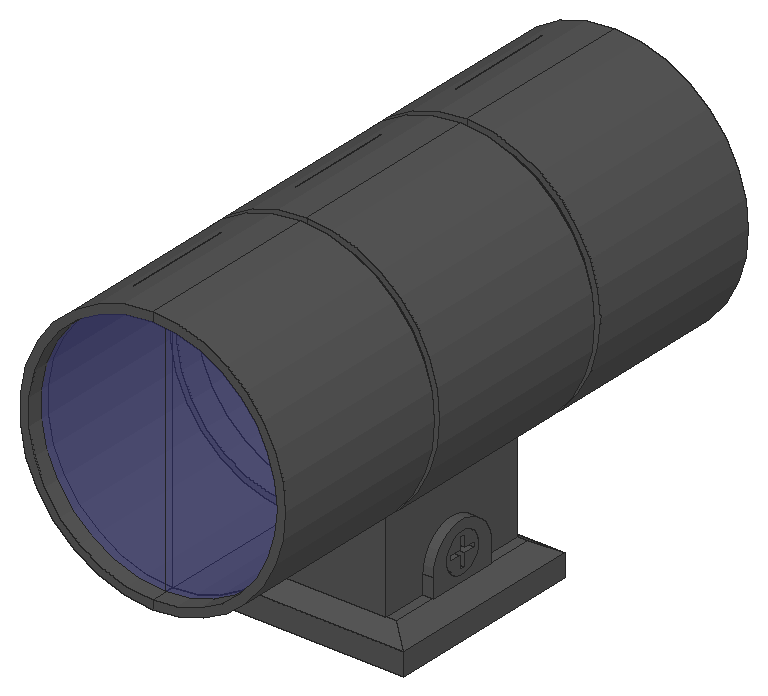
Revit family "CARLO CYLINDER LIGHT WALL MOUNT", category Lighting Fixtures, host Face, Revit 2020 (continued)
Types (10): name | Wattage_Input | Wattage Comments | Wattage | Photometric Web File | built-in parameter 1150142 | Model | built-in parameter 1150105 | Lumens | Light Length 1 | LIGHT RADIUS | LIGHT PLACEMENT | LIGHT LENGTH | LIGHT DIA | built-in parameter 1150106 | FIXED END HEIGHT | Curve base Height | Base Curve | BEAMING ANGLE | Apparent Load
    07.8 384.91 359.05 331.88 303.21 273.18 242.54 211.8 \r\n 181.86 154.2 127.68 100.4 76.104 58.359 45.759 39.19 35.345 30.724 \r\n 26.791 23.92 21.878 20.725 19.956 19.016 18.12 17.304 16.561 15.918 \r\n 15.316 14.701 14.095 13.499 12.931 12.421 11.93 11.422 10.922 10.45 \r\n 9.9873 9.5144 9.0556 8.64 8.2346 7.8045 7.384 7.0075 6.6397 6.2442 \r\n 5.8588 5.5214 5.1965 4.851 4.5159 4.2184 3.9362 3.6519 3.3784 3.1253 \r\n 2.8841 2.6459 2.4207 2.2165 2.0295 1.8588 1.7035 1.5603 1.4363 1.3421 \r\n 1.2646 1.1885 1.1306 1.1057 1.1053 1.1237 1.1675 1.2514 1.3455 1.4223 \r\n 1.4891 1.5513 1.5879 1.5701 1.5299 1.5025 1.4497 1.3275 1.1886 1.0867 \r\n 0.97575 0.80859 0.64175 0.52978 0.43152 0.31444 0.20716 0.13189 0.075288 0.029547 \r\n 0.0002566 0 0.00039316 0.0042484 0.0293 0.10477 0.19926 0.28438 0.38034 0.50241 \r\n 0.63708 0.78009 0.91893 1.03 1.1422 1.2939 1.433 1.5057 1.5561 1.6234 \r\n 1.6685 1.6546 1.615 1.579 1.524 1.4254 1.3189 1.2337 1.1653 1.1176 \r\n 1.0947 1.1038 1.1396 1.2014 1.2817 1.3697 1.4744 1.6025 1.7497 1.9133 \r\n 2.0952 2.2983 2.5163 2.7416 2.9802 3.2392 3.507 3.7667 4.0422 4.3629 \r\n 4.6956 5.0084 5.3271 5.6725 6.0271 6.3718 6.7327 7.1418 7.5618 7.9566 \r\n 8.3549 8.7779 9.2117 9.6467 10.09 10.55 11.018 11.48 11.96 12.483 \r\n 13.037 13.622 14.228 14.838 15.465 16.12 16.792 17.479 18.178 18.823 \r\n 19.603 20.596 22.066 24.425 27.3 29.329 33.898 44.052 59.453 81.984 \r\n 108.04 134.02 161.77 192.66 224.51 255.43 285.91 316.18 345.05 371.74 \r\n 395.27 414.59 429.08 436.44 440.67 445.23 449.38 453.71 457.77 461.2 \r\n 464.39 467.6 470.83 474.21 477.7 481.24 485.04 489.23 493.96 499.3 \r\n 505.64 513.34 522.57 533.45 546.49 562.05 580.82 603.33 630.34 663.07 \r\n 700.59 742.69 788.34 836.23 886.94 941.06 997.25 1054.3 1112.4 1171.9 \r\n 1231.4 1289.6 1346.8 1402.3 1456.6 1510.1 1562.5 1613.2 1663.1 1712.9 \r\n 1762.1 1810.4 1857.9 1904 1950.2 1998.4 2046.3 2092.4 2136.3 2176.9 \r\n 2214.6 2249.8 2281.6 2309.4 2333.5 2354.1 2371 2383.9 2393.2 2398.9 \r\n 2402.6 2405.9 2408.7 2411.3 2413.4 2415 2416.1 2416.8 2417.3 2418.1 \r\n 2421.2 \r\n2410.7 2419.5 2420.6 2421 2421.4 2422.5 2423.6 2424.8 2425.5 2425.1 \r\n 2424.4 2424.3 2423.3 2420.2 2414.7 2406.2 2394.3 2378 2357.9 2334.1 \r\n 2306.6 2275.5 2241.3 2204.5 2164.8 2121.6 2076.4 2030.4 1983.9 1937.6 \r\n 1890.8 1843.3 1794.5 1743.8 1692.2 1641.1 1589.3 1535.7 1481.3 1427.1 \r\n 1372.3 1316.2 1258.9 1200.3 1141.2 1082.5 1024.6 967.76 912.67 859.91 \r\n 810 763.51 720.78 682.18 648.21 619.86 596.08 576.44 560.19 546.55 \r\n 535.17 525.52 517.42 510.6 504.83 499.83 495.45 491.48 487.85 484.43 \r\n 481.2 478.09 475.12 472.51 469.48 464.85 459.97 456.4 452.38 447.45 \r\n 439.35 425.18 406.43 383.03 356.68 329.11 300.16 270.04 239.39 208.54 \r\n 178.67 151.64 125.73 98.387 74.051 57.008 45.157 38.816 35.024 30.429 \r\n 26.51 23.729 21.777 20.656 19.893 18.933 18.017 17.212 16.485 15.846 \r\n 15.246 14.634 14.033 13.442 12.878 12.376 11.891 11.378 10.873 10.405 \r\n 9.9474 9.4744 9.0149 8.6011 8.1971 7.7657 7.3434 6.9657 6.5984 6.208 \r\n 5.8272 5.4867 5.1591 4.8192 4.4901 4.1922 3.9092 3.6294 3.3601 3.1056 \r\n 2.8629 2.6283 2.4072 2.2034 2.0172 1.8515 1.7019 1.5619 1.4404 1.3486 \r\n 1.2732 1.1988 1.1416 1.1152 1.1126 1.1295 1.172 1.2542 1.3468 1.4234 \r\n 1.4896 1.5477 1.5805 1.5648 1.526 1.4912 1.4328 1.3199 1.1886 1.0717 \r\n 0.94739 0.79455 0.64322 0.52212 0.41424 0.30949 0.21589 0.13827 0.076001 0.029488 \r\n 0.00040927 0 0.00023335 0 0.016131 0.088795 0.18154 0.26364 0.35809 0.48406 \r\n 0.62239 0.76307 0.89785 1.0048 1.1149 1.2713 1.4159 1.4877 1.5387 1.6157 \r\n 1.6728 1.6689 1.6358 1.5969 1.5378 1.4422 1.3385 1.2502 1.175 1.1157 \r\n 1.0806 1.0813 1.1106 1.168 1.245 1.3298 1.4322 1.5605 1.7083 1.8707 \r\n 2.0512 2.2545 2.473 2.6995 2.9381 3.1925 3.4567 3.7205 4.0012 4.3225 \r\n 4.6549 4.9687 5.2881 5.6334 5.9866 6.3267 6.683 7.0917 7.5115 7.9023 \r\n 8.297 8.7219 9.1577 9.591 10.031 10.482 10.941 11.401 11.88 12.401 \r\n 12.955 13.545 14.158 14.775 15.409 16.063 16.737 17.435 18.142 18.785 \r\n 19.542 20.476 21.861 24.125 26.868 28.746 33.015 42.555 57.142 78.482 \r\n 103.66 130.05 158.47 189.41 221.17 252.02 282.53 313.24 342.6 369.48 \r\n 393.2 412.96 427.92 435.65 440.12 444.67 448.78 453.22 457.4 460.86 \r\n 464.05 467.25 470.47 473.81 477.25 480.73 484.46 488.61 493.27 498.44 \r\n 504.59 512.15 521.2 531.77 544.45 559.69 578.04 599.92 626.22 658.27 \r\n 695.16 736.87 782.17 829.53 879.78 933.71 989.79 1046.6 1104.6 1164.1 \r\n 1223.9 1282.5 1339.9 1395.7 1450.2 1504 1556.5 1607.6 1657.7 1707.5 \r\n 1756.6 1805 1852.5 1898.5 1944.4 1992.5 2040.4 2087.1 2131.7 2172.7 \r\n 2210.7 2246.2 2278.4 2306.7 2331.2 2352.2 2369.5 2382.9 2392.7 2398.7 \r\n 2402.5 2405.8 2408.5 2411.2 2413.4 2415 2416.1 2416.7 2417.3 2418.1 \r\n 2421.2 \r\n2410.7 2419.7 2421 2421.4 2421.8 2423 2424.3 2425.4 2426 2425.5 \r\n 2424.7 2424.5 2423.5 2420.2 2414.5 2405.7 2393.3 2376.6 2355.9 2331.6 \r\n 2303.7 2272.4 2238 2200.8 2160.8 2117.4 2071.9 2025.6 1978.6 1932 \r\n 1884.9 1836.8 1787.8 1737.3 1686 1635.1 1583.4 1529.6 1475 1421 \r\n 1366.4 1310.2 1252.8 1194.1 1135.1 1076.5 1018.5 961.63 906.51 853.93 \r\n 804.3 758.17 715.87 677.74 644.35 616.79 593.77 574.54 558.58 545.22 \r\n 534.1 524.66 516.75 510.09 504.45 499.53 495.2 491.25 487.62 484.21 \r\n 480.99 477.9 474.94 472.38 469.37 464.72 459.81 456.29 452.25 447.03 \r\n 438.53 423.94 404.71 380.79 353.93 325.94 296.67 266.43 235.75 204.81 \r\n 175 148.5 123.14 95.83 71.587 55.308 44.254 38.189 34.496 29.989 \r\n 26.141 23.485 21.644 20.564 19.808 18.835 17.903 17.112 16.404 15.768 \r\n 15.169 14.562 13.966 13.379 12.822 12.327 11.848 11.331 10.822 10.358 \r\n 9.9061 9.4339 8.9742 8.5618 8.1588 7.7263 7.3025 6.9236 6.5566 6.1712 \r\n 5.795 5.4523 5.1225 4.7878 4.4644 4.1663 3.8828 3.6072 3.3419 3.0861 \r\n 2.8419 2.6108 2.3936 2.1903 2.0049 1.8438 1.6994 1.5626 1.4437 1.3542 \r\n 1.2807 1.2088 1.1533 1.1257 1.1214 1.1379 1.1799 1.2609 1.3522 1.4286 \r\n 1.4936 1.547 1.5753 1.5613 1.5235 1.4807 1.4156 1.311 1.1864 1.0553 \r\n 0.91823 0.77857 0.64172 0.51236 0.39597 0.30346 0.22313 0.14285 0.074882 0.028481 \r\n 0.00054291 0 0.000073 0 0.0047692 0.0737 0.16372 0.24352 0.33715 0.46583 \r\n 0.60666 0.74543 0.87716 0.98149 1.0904 1.2493 1.3973 1.4701 1.5233 1.6078 \r\n 1.674 1.6803 1.6544 1.6117 1.5477 1.4569 1.3578 1.267 1.1855 1.1159 \r\n 1.0699 1.0631 1.0866 1.1397 1.2135 1.2952 1.3956 1.5238 1.6718 1.8332 \r\n 2.0127 2.2154 2.434 2.662 2.9012 3.1504 3.4106 3.6793 3.9657 4.2862 \r\n 4.617 4.933 5.2548 5.5997 5.9512 6.2884 6.6418 7.0493 7.4679 7.8553 \r\n 8.2477 8.6751 9.1135 9.5454 9.9813 10.426 10.879 11.337 11.817 12.335 \r\n 12.888 13.483 14.101 14.723 15.359 16.015 16.692 17.405 18.125 18.773 \r\n 19.518 20.411 21.728 23.894 26.512 28.306 32.335 41.26 54.996 75.083 \r\n 99.31 126.07 155.1 186.02 217.64 248.42 279 310.13 339.97 367.03 \r\n 390.94 411.15 426.62 434.8 439.6 444.18 448.25 452.8 457.1 460.59 \r\n 463.78 466.99 470.2 473.49 476.87 480.3 483.98 488.08 492.66 497.68 \r\n 503.65 511.08 519.95 530.21 542.55 557.47 575.42 596.69 622.3 653.65 \r\n 689.9 731.14 776.02 822.87 872.65 926.33 982.23 1038.8 1096.6 1156.2 \r\n 1216.1 1275 1332.8 1388.9 1443.6 1497.6 1550.5 1601.9 1652.3 1702.1 \r\n 1751.2 1799.7 1847.2 1893 1938.8 1986.7 2034.7 2081.8 2127 2168.3 \r\n 2206.7 2242.6 2275.1 2303.8 2328.8 2350.2 2368 2381.8 2392.1 2398.4 \r\n 2402.5 2405.7 2408.3 2411.1 2413.4 2414.9 2416 2416.7 2417.3 2418 \r\n 2421.2 \r\n2410.7 2419.8 2421.2 2421.7 2422.2 2423.4 2424.8 2425.9 2426.5 2426 \r\n 2425.1 2424.9 2423.7 2420.2 2414.1 2405 2392.3 2375.3 2354.4 2329.8 \r\n 2301.5 2269.9 2235.3 2197.9 2157.6 2113.8 2068 2021.2 1973.8 1926.7 \r\n 1879.1 1830.9 1781.8 1731.4 1680.3 1629.5 1577.9 1524.1 1469.6 1415.7 \r\n 1361.1 1304.8 1247.3 1188.7 1129.7 1071.1 1013.2 956.26 901.18 848.81 \r\n 799.45 753.57 711.6 673.95 641.12 614.18 591.73 572.86 557.17 544.04 \r\n 533.12 523.88 516.14 509.62 504.07 499.22 494.93 491 487.39 484 \r\n 480.8 477.73 474.81 472.29 469.32 464.65 459.71 456.22 452.12 446.61 \r\n 437.71 422.7 403.03 378.66 351.35 322.86 293.2 262.85 232.17 201.18 \r\n 171.33 144.71 119.36 92.379 68.652 53.096 42.729 37.002 33.53 29.274 \r\n 25.645 23.176 21.472 20.45 19.711 18.743 17.811 17.033 16.339 15.706 \r\n 15.107 14.505 13.915 13.334 12.782 12.295 11.82 11.303 10.792 10.332 \r\n 9.8843 9.4154 8.9581 8.5462 8.143 7.7104 7.2863 6.9066 6.5394 6.1559 \r\n 5.7819 5.4395 5.1099 4.777 4.4555 4.1579 3.8747 3.6007 3.3364 3.0793 \r\n 2.8336 2.6033 2.3871 2.1834 1.9977 1.8377 1.6946 1.5591 1.4412 1.352 \r\n 1.2795 1.2114 1.1596 1.132 1.1274 1.1465 1.1914 1.2736 1.3652 1.4414 \r\n 1.5048 1.5533 1.5768 1.5616 1.5227 1.4742 1.4041 1.3001 1.1761 1.039 \r\n 0.89717 0.76223 0.63087 0.49891 0.38067 0.29654 0.22416 0.14044 0.067864 0.024475 \r\n 0.00055258 0 0 0 0 0.063639 0.1486 0.22642 0.31917 0.4471 \r\n 0.58717 0.72392 0.85488 0.96377 1.0766 1.2308 1.3756 1.4578 1.5211 1.6041 \r\n 1.6689 1.6853 1.6687 1.6216 1.5531 1.4711 1.3811 1.2883 1.2011 1.1258 \r\n 1.0741 1.0628 1.0826 1.1323 1.2031 1.2824 1.3804 1.5052 1.6503 1.8108 \r\n 1.9893 2.1875 2.4021 2.6315 2.8716 3.1149 3.37 3.6431 3.9337 4.2478 \r\n 4.5724 4.8927 5.2197 5.5629 5.9117 6.2505 6.6053 7.0102 7.4258 7.8117 \r\n 8.2043 8.6359 9.078 9.5077 9.9407 10.386 10.84 11.298 11.776 12.288 \r\n 12.834 13.429 14.046 14.657 15.282 15.929 16.605 17.337 18.076 18.733 \r\n 19.462 20.291 21.515 23.569 26.059 27.81 31.591 39.694 52.38 71.277 \r\n 94.571 121.31 150.54 181.27 212.71 243.54 274.32 305.83 336.09 363.44 \r\n 387.7 408.56 424.75 433.62 438.95 443.6 447.63 452.33 456.78 460.3 \r\n 463.47 466.69 469.88 473.14 476.47 479.86 483.5 487.54 492.04 496.94 \r\n 502.75 509.97 518.59 528.58 540.57 555.06 572.49 593.08 617.93 648.45 \r\n 683.88 724.39 768.61 814.98 864.33 917.51 972.94 1029.2 1086.8 1146.4 \r\n 1206.5 1265.7 1323.8 1380.1 1435.1 1489.6 1542.9 1594.8 1645.5 1695.4 \r\n 1744.4 1792.8 1840.4 1886.2 1931.9 1979.7 2027.7 2075.1 2120.7 2162.5 \r\n 2201.3 2237.6 2270.6 2299.8 2325.4 2347.4 2365.8 2380.2 2391.1 2397.9 \r\n 2402.3 2405.6 2408.2 2410.9 2413.2 2414.7 2415.9 2416.6 2417.2 2417.9 \r\n 2421.2 \r\n2410.7 2419.7 2421.1 2421.9 2422.5 2423.8 2425.2 2426.3 2426.9 2426.5 \r\n 2425.7 2425.5 2424 2420.1 2413.6 2404.1 2391.1 2374.2 2353.5 2328.7 \r\n 2300.2 2268.2 2233.2 2195.7 2155.3 2111 2064.6 2017.5 1969.6 1921.8 \r\n 1873.6 1825.5 1776.7 1726.3 1675.1 1624.3 1572.7 1519.2 1465 1411.1 \r\n 1356.4 1300.1 1242.6 1184.1 1125.3 1066.6 1008.6 951.76 896.82 844.67 \r\n 795.56 749.82 708.05 670.9 638.62 612.1 590.01 571.46 556.01 543.05 \r\n 532.26 523.2 515.63 509.2 503.72 498.91 494.65 490.75 487.17 483.81 \r\n 480.64 477.61 474.73 472.26 469.33 464.64 459.67 456.17 451.99 446.19 \r\n 436.91 421.5 401.43 376.7 349 319.97 289.86 259.43 228.77 197.77 \r\n 167.76 140.4 114.53 88.155 65.344 50.453 40.65 35.307 32.161 28.306 \r\n 25.041 22.813 21.267 20.315 19.602 18.658 17.741 16.978 16.292 15.659 \r\n 15.06 14.463 13.88 13.306 12.759 12.277 11.806 11.291 10.782 10.325 \r\n 9.8804 9.4171 8.9645 8.5524 8.148 7.7163 7.2933 6.9134 6.5454 6.1608 \r\n 5.7864 5.4468 5.1199 4.7855 4.4621 4.1656 3.8836 3.6084 3.3423 3.0839 \r\n 2.837 2.6048 2.3869 2.1821 1.9951 1.8325 1.6871 1.5507 1.4324 1.3417 \r\n 1.2692 1.2062 1.16 1.1339 1.131 1.1559 1.2068 1.2925 1.3859 1.4619 \r\n 1.5231 1.5665 1.5846 1.5657 1.5234 1.4719 1.3979 1.287 1.1576 1.0232 \r\n 0.88456 0.74577 0.61085 0.48213 0.36882 0.28874 0.2185 0.13088 0.055203 0.01764 \r\n 0.00043536 0 0 0 0 0.057804 0.13655 0.21258 0.30407 0.42799 \r\n 0.5643 0.6987 0.83091 0.95159 1.0736 1.2162 1.351 1.451 1.532 1.6047 \r\n 1.6575 1.6835 1.6783 1.6268 1.5544 1.4851 1.408 1.3137 1.2216 1.1452 \r\n 1.0928 1.0802 1.0981 1.1453 1.2134 1.291 1.3864 1.5046 1.6434 1.8033 \r\n 1.9806 2.1704 2.3771 2.6075 2.849 3.0858 3.3349 3.6114 3.9042 4.2068 \r\n 4.5208 4.847 5.1818 5.5218 5.8674 6.2119 6.5722 6.9733 7.384 7.7703 \r\n 8.1656 8.6027 9.0494 9.4761 9.9069 10.36 10.823 11.283 11.757 12.258 \r\n 12.792 13.381 13.989 14.576 15.177 15.805 16.474 17.228 17.99 18.656 \r\n 19.363 20.101 21.203 23.134 25.492 27.231 30.75 37.832 49.286 67.101 \r\n 89.514 115.82 144.81 175.2 206.44 237.44 268.54 300.37 331 358.72 \r\n 383.51 405.22 422.34 432.13 438.16 442.93 446.91 451.79 456.42 459.97 \r\n 463.13 466.34 469.53 472.75 476.04 479.42 483.03 486.99 491.39 496.2 \r\n 501.88 508.82 517.13 526.86 538.53 552.49 569.25 589.11 613.13 642.73 \r\n 677.19 716.68 760.02 805.96 854.92 907.34 962.06 1017.9 1075.3 1134.9 \r\n 1195.1 1254.5 1313 1369.5 1424.8 1479.8 1533.8 1586.2 1637.3 1687.1 \r\n 1736.1 1784.5 1832.1 1878 1923.8 1971.6 2019.6 2067.1 2112.8 2155.1 \r\n 2194.5 2231.4 2265.1 2294.8 2321 2343.8 2362.9 2378.2 2389.7 2397.1 \r\n 2402 2405.5 2408 2410.6 2412.7 2414.4 2415.7 2416.5 2417.1 2417.7 \r\n 2421.2 \r\n2410.7 2419.6 2421 2422 2422.9 2424.2 2425.5 2426.6 2427.2 2427 \r\n 2426.3 2425.9 2424.2 2419.9 2412.8 2402.8 2389.6 2372.8 2352.2 2327.3 \r\n 2298.6 2266.2 2230.8 2193.2 2152.6 2107.8 2060.8 2013.2 1965 1916.4 \r\n 1867.7 1819.8 1771.4 1720.8 1669.4 1618.6 1567 1513.9 1460 1406 \r\n 1351.2 1294.8 1237.3 1179 1120.3 1061.6 1003.6 946.89 892.15 840.27 \r\n 791.44 745.88 704.36 667.76 636.06 609.95 588.2 569.96 554.77 541.98 \r\n 531.33 522.46 515.06 508.73 503.31 498.55 494.33 490.46 486.9 483.58 \r\n 480.45 477.47 474.61 472.17 469.25 464.56 459.57 456.06 451.78 445.63 \r\n 435.91 420.09 399.6 374.53 346.48 316.95 286.4 255.88 225.22 194.21 \r\n 164.04 135.91 109.49 83.757 61.916 47.705 38.468 33.505 30.687 27.267 \r\n 24.401 22.431 21.049 20.166 19.477 18.562 17.666 16.917 16.241 15.608 \r\n 15.007 14.415 13.839 13.271 12.731 12.252 11.785 11.273 10.767 10.312 \r\n 9.8703 9.4128 8.965 8.5524 8.1466 7.7166 7.2954 6.9154 6.5469 6.161 \r\n 5.7862 5.4499 5.1259 4.7898 4.4643 4.1694 3.8892 3.6126 3.3444 3.0854 \r\n 2.8377 2.6037 2.3839 2.1784 1.9904 1.8251 1.677 1.54 1.4216 1.3294 \r\n 1.257 1.1996 1.1599 1.1365 1.1366 1.1689 1.227 1.3163 1.411 1.4863 \r\n 1.5448 1.5823 1.5941 1.5713 1.5254 1.4696 1.3908 1.272 1.137 1.0065 \r\n 0.87218 0.72816 0.58837 0.4644 0.35747 0.27982 0.20998 0.11908 0.041478 0.010371 \r\n 0.00029042 0 0 0 0 0.052493 0.12555 0.19993 0.29004 0.40941 \r\n 0.54143 0.6733 0.80706 0.94122 1.0737 1.2028 1.3259 1.445 1.545 1.6053 \r\n 1.6434 1.6786 1.6848 1.6294 1.5537 1.4972 1.4331 1.3376 1.2414 1.1657 \r\n 1.1144 1.1013 1.1178 1.1624 1.2277 1.3041 1.3971 1.5086 1.6408 1.8001 \r\n 1.9763 2.1574 2.3559 2.587 2.8299 3.0605 3.3037 3.5833 3.8778 4.168 \r\n 4.4709 4.8032 5.1462 5.483 5.8251 6.1766 6.5434 6.9402 7.3455 7.7331 \r\n 8.1321 8.5742 9.0247 9.4488 9.8784 10.341 10.814 11.276 11.747 12.237 \r\n 12.758 13.34 13.938 14.501 15.075 15.685 16.348 17.122 17.907 18.584 \r\n 19.272 19.926 20.915 22.724 24.959 26.719 30.012 36.09 46.335 63.148 \r\n 84.722 110.51 139.13 169.14 200.19 231.36 262.78 294.86 325.79 353.89 \r\n 379.2 401.77 419.85 430.63 437.43 442.33 446.27 451.32 456.12 459.7 \r\n 462.85 466.07 469.25 472.44 475.69 479.06 482.65 486.53 490.83 495.57 \r\n 501.13 507.81 515.8 525.3 536.66 550.1 566.23 585.39 608.63 637.33 \r\n 670.84 709.3 751.75 797.27 845.87 897.49 951.43 1006.9 1064.1 1123.6 \r\n 1183.8 1243.5 1302.3 1359 1414.7 1470.2 1524.8 1577.7 1629.2 1679.1 \r\n 1728 1776.4 1824 1870 1916 1963.8 2011.7 2059.2 2105 2147.7 \r\n 2187.7 2225.2 2259.5 2289.8 2316.5 2340.1 2360.1 2376 2388.2 2396.3 \r\n 2401.7 2405.4 2407.9 2410.3 2412.3 2414.1 2415.6 2416.3 2416.9 2417.6 \r\n 2421.2 \r\n2410.7 2419.4 2420.8 2422.1 2423.3 2424.6 2425.8 2426.8 2427.5 2427.4 \r\n 2426.8 2426.3 2424.2 2419.4 2411.8 2401.3 2387.7 2370.9 2350.4 2325.3 \r\n 2296.4 2263.6 2227.8 2190 2149.2 2103.9 2056.3 2008.4 1959.7 1910.5 \r\n 1861.4 1813.7 1765.5 1714.8 1663.3 1612.2 1560.7 1507.8 1454.2 1400.2 \r\n 1345.3 1288.8 1231.4 1173.1 1114.5 1055.9 997.94 941.43 886.99 835.43 \r\n 786.92 741.59 700.39 664.39 633.32 607.63 586.23 568.33 553.42 540.82 \r\n 530.33 521.65 514.41 508.19 502.85 498.14 493.96 490.12 486.61 483.32 \r\n 480.23 477.28 474.45 471.98 469.03 464.36 459.39 455.88 451.47 444.91 \r\n 434.7 418.42 397.52 372.11 343.74 313.77 282.85 252.22 221.54 190.52 \r\n 160.21 131.41 104.52 79.416 58.5 44.989 36.34 31.727 29.204 26.218 \r\n 23.757 22.045 20.827 20.008 19.335 18.45 17.578 16.847 16.182 15.548 \r\n 14.944 14.357 13.787 13.226 12.692 12.216 11.75 11.242 10.74 10.287 \r\n 9.8474 9.3949 8.9515 8.5383 8.1312 7.7035 7.2848 6.9053 6.5364 6.1498 \r\n 5.7749 5.4417 5.1207 4.7833 4.456
